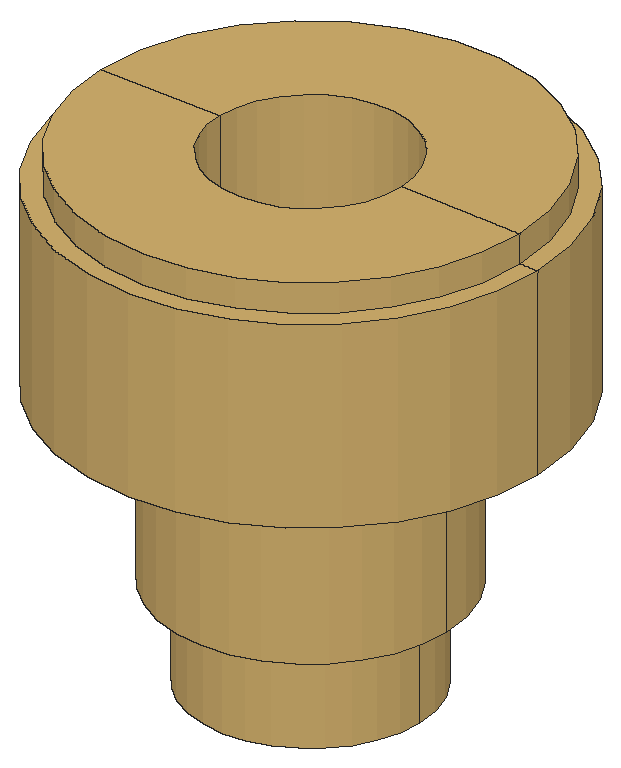
Revit family "Обратный клапан 2621 00 (01)", category Rohrzubehör, Revit 2020
Family settings
  Bemaßung runder Anschluss = Durchmesser verwenden
  Teiletyp = Unterbricht
  OmniClass-Nummer = 23.65.55.14
  OmniClass-Titel = Valves for Liquid Services
  Arbeitsebenenbasiert = Nein
  Immer vertikal = Ja
  Beim Laden mit Abzugskörper schneiden = Nein
  Gemeinsam genutzt = Nein
Parameters
  Номер заказа [instance] = if(Nennweite AG = 10.000 mm, 1262100, if(Nennweite AG = 15.000 mm, 1262101, 0))  # 1262101
  Корпус = "Латунь"  # constant formula
  Vorgabe-Ansicht = 0.000 mm
  SCTWSEQ = "FW;SBT_TYP_FW=\"108\";2"
  SCTWCODE = "04;14;02"  # constant formula
  SCRNSEQ = "AWI;AWI_TYP=\"1007\";2"
  SCRNCODE = "05;17;02"  # constant formula
  Nennweite IG = 10.000 mm  # constant formula
  Макс. рабочая температура = 110 °C  # constant formula
  URL = "www.herz-armaturen.ru"
  Nennweite AG [instance] = 15.000 mm
  Макс. рабочее давление = 1000000.0 Pa  # constant formula
  Hersteller = "Herz-Armaturen GmbH"  # constant formula
  H04 [instance] = if(Nennweite AG = 10.000 mm, 4.500 mm, if(Nennweite AG = 15.000 mm, 5.000 mm, 0.000 mm))  # 5.000 mm
  H03 = 9.500 mm  # constant formula
  H02 [instance] = if(Nennweite AG = 10.000 mm, 14.000 mm, if(Nennweite AG = 15.000 mm, 10.000 mm, 0.000 mm))  # 10.000 mm
  H01 = 9.500 mm  # constant formula
  H00 [instance] = if(Nennweite AG = 10.000 mm, 29.500 mm, if(Nennweite AG = 15.000 mm, 26.000 mm, 0.000 mm))  # 26.000 mm
  G2 = Nennweite IG / 2  # 5.000 mm
  G1 [instance] = Nennweite AG / 2  # 7.500 mm
  D03 [instance] = if(Nennweite AG = 10.000 mm, 4.000 mm, if(Nennweite AG = 15.000 mm, 6.000 mm, 0.000 mm))  # 6.000 mm
  D02 [instance] = if(Nennweite AG = 10.000 mm, 11.000 mm, if(Nennweite AG = 15.000 mm, 12.500 mm, 0.000 mm))  # 12.500 mm
  D01 [instance] = if(Nennweite AG = 10.000 mm, 10.000 mm, if(Nennweite AG = 15.000 mm, 11.500 mm, 0.000 mm))  # 11.500 mm
Reference planes
  plane 1 "Mitte (Vorne/hinten)": y = 0
  plane 2: z = 0
  plane 3 "Mitte (Links/rechts)": x = 0
Forms (mm)
  Revolve 1, solid, material "Messing", detail levels fine
    sketch origin (0, 0, 0) x (1, 0, 0) y (0, 0, 1)
      loop
        line (-11.5, 21) -> (-11.5, 19.5) -> (-12.5, 19.5) -> (-12.5, 9.5) -> (-7.5, 9.5) -> (-7.5, 0) -> (-6, 0) -> (-6, -5) -> (0, -5) -> (0, 11.5) -> (-5, 11.5) -> (-5, 21) -> (-11.5, 21)
      axis (0, 21) -> (0, -5)
    angle from 0 to 360
Lines and regions (mm)
  model lines, detail levels coarse+medium
    curve 1: line (-12.5, 0, 21) -> (12.5, 0, 21)
    curve 2: line (12.5, 0, 21) -> (-12.5, 0, -5)
    curve 3: line (-12.5, 0, -5) -> (12.5, 0, -5)
    curve 4: circle (-12.5, 0, -4.998) r 5 normal (0, -1, 0)
    curve 5: line (0, -12.5, 21) -> (0, 12.5, 21)
    curve 6: line (0, 12.5, 21) -> (0, -12.5, -5)
    curve 7: line (0, -12.5, -5) -> (0, 12.5, -5)
    curve 8: circle (0, -12.5, -5) r 5 normal (1, 0, 0)
Dimensions and locks
  "H02": Revolve 1 sketch curve to Revolve 1 sketch curve
  "D01": Revolve 1 sketch curve to Revolve 1 sketch curve
  "G1": Revolve 1 sketch curve to Revolve 1 sketch curve
  "H01": Revolve 1 sketch curve to Revolve 1 sketch curve
  "D02": Revolve 1 sketch curve to Revolve 1 sketch curve
  "G2": Revolve 1 sketch curve to Revolve 1 sketch curve
  "H03": Revolve 1 sketch curve to Revolve 1 sketch curve
  "H04": Revolve 1 sketch curve to Revolve 1 sketch curve
  "H00": Revolve 1 sketch curve to Revolve 1 sketch curve
  "D03": Revolve 1 sketch curve to Revolve 1 sketch curve
  "H00": curve 1 to curve 3
  "H04": plane 2 to curve 3
  "D02": curve 2 to plane 3 "Mitte (Links/rechts)" to curve 1
  "D02": curve 3 to plane 3 "Mitte (Links/rechts)" to curve 3
  "H00": curve 7 to curve 5
  "H04": plane 2 to curve 7
  "D02": curve 5 to plane 1 "Mitte (Vorne/hinten)" to curve 6
  "D02": curve 7 to plane 1 "Mitte (Vorne/hinten)" to curve 7
  aligned and locked: level to plane 2
Automatic sketch dimensions
  curve 8 to curve 6 = 0.000 mm  (x2)
  curve 4 to curve 2 = 0.000 mm
  curve 2 to curve 4 = 0.002 mm
  Revolve 1 sketch curve to level = 0.000 mm
  Revolve 1 sketch curve to plane 3 "Mitte (Links/rechts)" = 0.000 mm  (x2)
  Revolve 1 sketch curve to Revolve 1 sketch curve = 1992.000 mm
  Revolve 1 sketch curve to Revolve 1 sketch curve = 1979.000 mm
  radius of curve 8 = 5.000 mm
  radius of curve 4 = 5.000 mm
Connectors
  piping at (0, 0, -5), diameter 15, driven by "Nennweite AG"
    settings: on Revolve 1, index 1, connector inside diameter 609.6 mm, connector length 0.000 mm, flow factor 0, pipe flow 0.0 L/s, pressure drop 0.0 Pa, fitting loss kfactor 0, connector angle 0.00°, fixture units 0, engagement length 0.000 mm, angle of deflection 0.00°, flow configuration 0, flow direction 1, fitting loss method 0, system type 29, joint type 0, gender type 0, connector reference index -1, connector utility 0, adjustable connector no, is connector primary yes, connector description ""
  piping at (0, 0, 11.5), diameter 10, driven by "Nennweite IG"
    settings: on Revolve 1, index 2, connector inside diameter 609.6 mm, connector length 0.000 mm, flow factor 0, pipe flow 0.0 L/s, pressure drop 0.0 Pa, fitting loss kfactor 0, connector angle 0.00°, fixture units 0, engagement length 0.000 mm, angle of deflection 0.00°, flow configuration 0, flow direction 2, fitting loss method 0, system type 29, joint type 0, gender type 0, connector reference index -1, connector utility 0, adjustable connector no, is connector primary no, connector description ""
